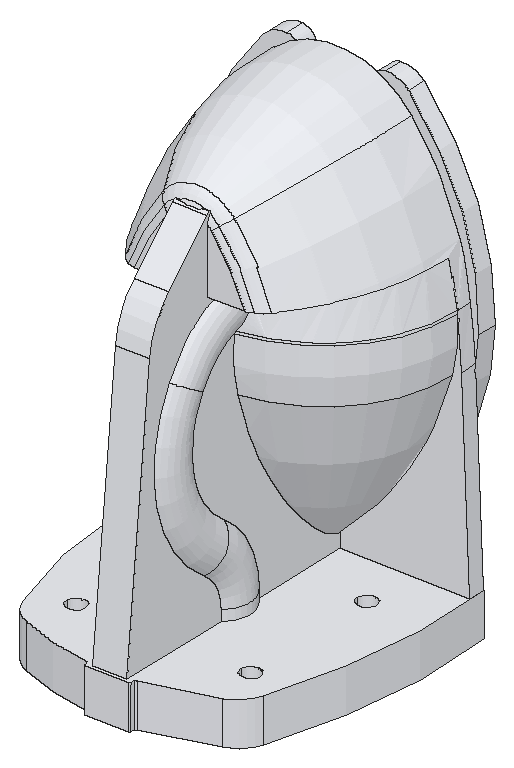
Revit family "Toilet-Elongated_Commercial_CT708EV_TOTO", category Plumbing Fixtures, host Face, Revit 2013
Parameters (values of type "CT708EV")
  ecoScorecard_data = "http://toto.ecoscorecard.com/product/CT708EV"
  ecoScorecard Product Page = "http://toto.ecoscorecard.com/product/CT708EV"
  Width = 15 3/8"
  WaterSense = no
  Waste Connection NPT Radius = 1 1/16"
  Waste Connection = yes
  Warranty URL = "http://www.totousa.com/warranty-registration"
  Warranty = "One Year Limited Warranty"  # constant formula
  Vent Connection = yes
  Toto BIM Number = "BM-00095"  # constant formula
  Subcategory = "Toilets"  # constant formula
  Style = "Commercial"  # constant formula
  Spec Sheet URL = "http://assets.totousa.com/product-files/SS-00210_CT708E_EV.pdf"
  Shipping Weight = 53.50 lbf
  SanoGloss Available = yes
  Product Page URL = " "
  Parts Manual URL = " "
  Mount Type = "Wall-Mounted"  # constant formula
  Manufacturer Phone - Toll Free = "1-888-295-8134"  # constant formula
  Manufacturer Phone = "(770) 282-8686 "  # constant formula
  Manufacturer Fax = "(770) 282-0002"  # constant formula
  Manufacturer Email = "mailto:custservice@totousa.com"
  Manufacturer Address = "1155 Southern Road, Morrow, Georgia 30260"  # constant formula
  Length = 24 7/8"
  Industry Standards = "Meets and exceeds ASME A112.19.2/CSA B45.1"  # constant formula
  Height = 17"
  HW Connection = no
  Gallons Per Flush = 1.28 gal
  Flush Valve Model Available = "TET3LN#31#SS, TET3GN#31#SS,TET2LN#31#SS, TET2GN#31#SS"  # constant formula
  WFU = 0
  URL = "http://www.totousa.com"
  Model = "CT708EV"  # constant formula
  Manufacturer = "TOTO USA, Inc."  # constant formula
  HWFU = 0
  Flush System = "Siphon jet flushing action"  # constant formula
  Finish = Vitreous China - TOTO - 01 Cotton
  Description = "Commercial Flushometer Toilet, 1.28 GPF - ADA"
  Default Elevation = 0"  # constant formula
  Cost Info = "mailto:custservice@totousa.com"
  Color Availability = "#01 Cotton, #03 Bone, #12 Sedona Beige"  # constant formula
  Cold Water Connection NPT Radius = 1/2"
  Code Compliance = "UPC, IPC, NSPC, NPC Canada, and others"
  Certifications = "IAPMO (cUPC), State of Massachusetts, City of Los Angeles, and others"
  CWFU = 0
  CW Connection = yes
  CAD Drawing URL = "http://assets.totousa.com/product-files/AD-00275_CT708EV.dxf"
  Bowl Material = "Vitreous China"  # constant formula
  Assembly Code = "D2010110"
  ADA Compliant = yes
  95 CSI = "15410-800 "  # constant formula
  04 CSI = "22 42 13"  # constant formula
Reference planes (in)
  plane 1 "Center (Front/Back)": y = 0
  plane 2: z = 0
  plane 3 "Center (Left/Right)": x = 0
  plane 4: y = -9.625
  plane 5: y = -12.87425
  plane 6: x = 7.875
  plane 7: x = -7.875
  plane 8: z = 2.75
  plane 9: x = 4.75
  plane 10: z = 24.875
  plane 11: z = 6.375
  plane 12: y = -3.47879
Lines and regions (in)
  Masking region 1
    outline origin (0, -15, 48) x (1, 0, 0) y (0, 0, 1)
      loop
        arc (-3.71678, -24.50892) -> (-6.50305, -29.17165) -> (-7.37449, -34.53308) r 14.47478
        arc (-7.37449, -34.53308) -> (-7.3253, -35.38053) -> (-7.22478, -36.22343) r 13.98307
        arc (-7.22478, -36.22343) -> (-7.45552, -39.65077) -> (-7.61498, -43.08216) r 165.30181
        line (-7.61498, -43.08216) -> (-7.875, -46.23802) -> (-7.875, -48) -> (7.875, -48) -> (7.875, -46.23802) -> (7.61498, -43.08216)
        arc (7.61498, -43.08216) -> (7.45552, -39.65077) -> (7.22478, -36.22343) r 165.30181
        arc (7.22478, -36.22343) -> (7.3253, -35.38053) -> (7.37449, -34.53308) r 13.98307
        arc (7.37449, -34.53308) -> (6.50305, -29.17165) -> (3.71678, -24.50892) r 14.47478
        arc (3.71678, -24.50892) -> (3.28128, -24.17604) -> (2.75315, -24.02925) r 1.44538
        arc (2.75315, -24.02925) -> (0, -23.16023) -> (-2.75315, -24.02925) r 4.79565
        arc (-2.75315, -24.02925) -> (-3.28128, -24.17604) -> (-3.71678, -24.50892) r 1.44538
  Masking region 2
    outline origin (-15, 11.5, 48) x (1, 0, 0) y (0, 0, 1)
      loop
        arc (17.75315, -24.02925) -> (15, -23.16023) -> (12.24685, -24.02925) r 4.79565
        arc (12.24685, -24.02925) -> (11.71872, -24.17604) -> (11.28322, -24.50892) r 1.44538
        arc (11.28322, -24.50892) -> (8.49695, -29.17165) -> (7.62551, -34.53308) r 14.47478
        arc (7.62551, -34.53308) -> (7.6747, -35.38053) -> (7.77522, -36.22343) r 13.98307
        arc (7.77522, -36.22343) -> (7.54448, -39.65077) -> (7.38502, -43.08216) r 165.30181
        line (7.38502, -43.08216) -> (7.125, -46.23802) -> (7.125, -48) -> (22.875, -48) -> (22.875, -46.23802) -> (22.61498, -43.08216)
        arc (22.61498, -43.08216) -> (22.45552, -39.65077) -> (22.22478, -36.22343) r 165.30181
        arc (22.22478, -36.22343) -> (22.3253, -35.38053) -> (22.37449, -34.53308) r 13.98307
        arc (22.37449, -34.53308) -> (21.50305, -29.17165) -> (18.71678, -24.50892) r 14.47478
        arc (18.71678, -24.50892) -> (18.28128, -24.17604) -> (17.75315, -24.02925) r 1.44538
  symbolic lines
    curve 1: arc (-5.41064, 11.5, 6.69816) -> (-4.45692, 11.5, 5.85016) -> (-3.18887, 11.5, 5.70621) r 2.11237
    curve 2: arc (-7.22478, 11.5, 11.77657) -> (-6.56485, 11.5, 9.14908) -> (-5.41064, 11.5, 6.69816) r 13.98307
    curve 3: arc (5.41064, 11.5, 6.69816) -> (6.56485, 11.5, 9.14908) -> (7.22478, 11.5, 11.77657) r 13.98307
    curve 4: arc (3.16192, 11.5, 5.71053) -> (4.44441, 11.5, 5.84429) -> (5.41064, 11.5, 6.69816) r 2.11404
    curve 5: line (-3.18887, 11.5, 6.10123) -> (3.16192, 11.5, 6.10123)
    curve 6: line (3.16192, 11.5, 6.10123) -> (3.16192, 11.5, 5.71053)
    curve 7: line (-3.18887, 11.5, 5.70621) -> (-3.18887, 11.5, 6.10123)
    curve 8: arc (1.85427, 11.5, 22.79835) -> (0, 11.5, 23.34561) -> (-1.85427, 11.5, 22.79835) r 3.415
    curve 9: arc (-2.54441, 11.5, 23.97243) -> (-2.64881, 11.5, 23.97536) -> (-2.75315, 11.5, 23.97075) r 1.44538
    curve 10: arc (-2.29687, 11.5, 20.84123) -> (-1.95276, 11.5, 22.01309) -> (-1.84257, 11.5, 23.22944) r 6.2647
    curve 11: arc (-4.0351, 11.5, 11.95739) -> (-3.58929, 11.5, 16.48214) -> (-2.29687, 11.5, 20.84123) r 23.96307
    curve 12: arc (4.0351, 11.5, 11.95739) -> (0, 11.5, 7.90936) -> (-4.0351, 11.5, 11.95739) r 4.03512
    curve 13: arc (2.29687, 11.5, 20.84123) -> (3.58929, 11.5, 16.48214) -> (4.0351, 11.5, 11.95739) r 23.96307
    curve 14: arc (1.84257, 11.5, 23.22944) -> (1.95276, 11.5, 22.01309) -> (2.29687, 11.5, 20.84123) r 6.2647
    curve 15: arc (2.54441, 11.5, 23.97243) -> (2.04734, 11.5, 23.73899) -> (1.84257, 11.5, 23.22944) r 0.75
    curve 16: arc (1.85427, 11.5, 22.79835) -> (0, 11.5, 23.34561) -> (-1.85427, 11.5, 22.79835) r 3.415
    curve 17: arc (2.75315, 11.5, 23.97075) -> (2.64881, 11.5, 23.97536) -> (2.54441, 11.5, 23.97243) r 1.44538
    curve 18: arc (-1.84257, 11.5, 23.22944) -> (-2.04734, 11.5, 23.73899) -> (-2.54441, 11.5, 23.97243) r 0.75
    curve 19: arc (0.58873, 11.5, 11.94176) -> (0.85203, 11.5, 10.7746) -> (0.83715, 11.5, 9.57821) r 5.11821
    curve 20: line (0.58873, 11.5, 11.94176) -> (-0.58873, 11.5, 11.94176)
    curve 21: arc (-0.83715, 11.5, 9.57821) -> (-0.85203, 11.5, 10.7746) -> (-0.58873, 11.5, 11.94176) r 5.11821
    curve 22: line (-0.83715, 11.5, 9.57821) -> (0.83715, 11.5, 9.57821)
    curve 23: circle (0, 11.5, 2.75) r 0.75 normal (0, -1, 0)
Dimensions and locks (in)
  locked: plane 8 to plane 2 at 2.75
  locked: plane 10 to plane 2 at 24.875
  locked: plane 11 to plane 10 at 18.5
  locked: plane 6 to plane 7 at 15.75
  equal spacing: plane 6, plane 3 "Center (Left/Right)", plane 7
  locked: plane 9 to plane 3 "Center (Left/Right)" at 4.75
  Masking region 1 sketch curve to Masking region 1 sketch curve to Masking region 1 sketch curve to Masking region 1 sketch curve to plane 3 "Center (Left/Right)" to Masking region 1 sketch curve to Masking region 1 sketch curve to Masking region 1 sketch curve to Masking region 1 sketch curve = 0.26002" locked, 0.3902" locked, 4.47163" locked, 2.75315" locked, 2.75315" locked, 4.47163" locked, 0.3902" locked, 0.26002" locked
  plane 8 to host face = 2 3/4"
  aligned and locked: plane 2 to host face
  aligned and locked: level to host face
  aligned and locked: Masking region 2 sketch curve to Masking region 1  (x4)
  aligned and locked: Masking region 1 sketch curve to Masking region 1 sketch curve
  aligned and locked: Masking region 1 sketch curve to plane 2
Automatic sketch dimensions
  host sketch curve to host sketch curve = 17.77386"
  host sketch curve to host sketch curve = 16.19972"
  Masking region 1 sketch curve to plane 3 "Center (Left/Right)" = 0"
  Masking region 1 sketch curve to level = 1.03967"  (x2)
  Masking region 1 sketch curve to plane 7 = 149.70444"
  Masking region 1 sketch curve to Masking region 1 sketch curve = 0.27972"  (x2)
  Masking region 1 sketch curve to Masking region 1 sketch curve = 0"  (x3)
  Masking region 1 sketch curve to Masking region 1 sketch curve = 0.49152"  (x2)
  Masking region 1 sketch curve to Masking region 1 sketch curve = 0.96363"
  Masking region 1 sketch curve to Masking region 1 sketch curve = 0.11596"  (x2)
  plane 9 to Masking region 1 sketch curve = 1.03322"
  Masking region 1 sketch curve to plane 6 = 149.70444"
  plane 8 to Masking region 1 sketch curve = 0.98802"  (x2)
  Masking region 1 sketch curve to Masking region 1 sketch curve = 2.48591"
  curve 8 to curve 16 = 0"  (x4)
  curve 23 to plane 3 "Center (Left/Right)" = 0"
  curve 8 to plane 3 "Center (Left/Right)" = 0"
  curve 23 to plane 8 = 0"
  plane 7 to curve 2 = 0.65022"
  plane 7 to curve 3 = 1.27176"
  curve 1 to plane 11 = 0.32316"
  plane 7 to curve 1 = 2.46436"
  curve 2 to curve 1 = 0"
  curve 1 to plane 11 = 1.40402"
  curve 1 to curve 1 = 1.81489"
  plane 11 to curve 1 = 0.66879"
  curve 9 to curve 18 = 0.20874"
  curve 16 to curve 10 = 3/256"
  curve 21 to plane 3 "Center (Left/Right)" = 0.58873"
  curve 15 to curve 17 = 0.20874"
  plane 11 to curve 6 = 0.27377"
  plane 9 to curve 6 = 1.58808"
  plane 9 to curve 4 = 1.15569"
  curve 3 to plane 11 = 0.32316"
  curve 3 to plane 9 = 0.66064"
  curve 4 to curve 3 = 0"
  plane 6 to curve 2 = 1.27176"
  plane 6 to curve 3 = 0.65022"
  curve 4 to curve 5 = 0.3907"
  curve 8 to curve 10 = 0.91062"
  plane 7 to Masking region 2 sketch curve = 0"
  plane 6 to Masking region 2 sketch curve = 0.26002"
  plane 8 to Masking region 2 sketch curve = 0.98802"
  Masking region 2 sketch curve to level = 0"
  plane 6 to Masking region 2 sketch curve = 0"
  curve 12 to plane 3 "Center (Left/Right)" = 0"
  curve 10 to plane 7 = 0.23211"
  curve 13 to plane 11 = 5.50572"
  curve 13 to plane 7 = 12.05285"
  curve 19 to curve 1 = 0.64239"
  curve 19 to curve 12 = 0.20304"
  curve 11 to curve 12 = 0"
  plane 10 to curve 9 = 0.90425"
  curve 9 to plane 3 "Center (Left/Right)" = 2.75315"
  curve 9 to curve 9 = 0.11596"
  curve 9 to curve 18 = 0.04464"
  curve 9 to curve 18 = 0"
  curve 9 to curve 10 = 0.34032"
  curve 11 to curve 10 = 0"
  curve 9 to curve 16 = 0.78292"
  curve 18 to curve 10 = 0"
  curve 21 to plane 3 "Center (Left/Right)" = 0.83715"
  plane 3 "Center (Left/Right)" to curve 19 = 0.58873"
  plane 3 "Center (Left/Right)" to curve 22 = 0.83715"
  plane 3 "Center (Left/Right)" to curve 14 = 1.84257"
  curve 15 to curve 14 = 0"
  curve 15 to curve 16 = 3/256"
  curve 16 to curve 13 = 0.44259"
  curve 14 to curve 13 = 0"
  curve 14 to curve 15 = 0.70184"
  curve 17 to curve 15 = 0"
  curve 15 to curve 15 = 0.04814"
  curve 15 to curve 17 = 0.04464"
  plane 9 to curve 13 = 0.7149"
  curve 12 to curve 13 = 0"
  curve 17 to curve 14 = 5.35396"
  curve 19 to curve 12 = 2.36627"
  radius of curve 23 = 3/4"
Nested families (in)
  nested 1: "CT708EV" at (0.19207, 0.1648, 0), type "CT708EV"
    with Flush Valve yes, Flow Pressure 0.00 psi
Connectors (in)
  piping at (0.20143, 1.77792, 0.02231)
    settings: on nested 1, index 1, connector radius 3/4", flow factor 0, pipe flow 0 GPM, pressure drop 0.00 psi, fitting loss kfactor 0, connector angle 0.00°, fixture units 0, engagement length 0", flow configuration 0, flow direction 0, fitting loss method 0, system type 16, joint type 0, gender type 0, connector reference index -1, connector utility 0, adjustable connector no, is connector primary yes, fitting loss table "", connector description ""
  piping at (0.19207, -7.22974, -1.00443)
    settings: on nested 1, index 2, connector radius 2", flow factor 0, pipe flow 0 GPM, pressure drop 0.00 psi, fitting loss kfactor 0, connector angle 0.00°, fixture units 0, engagement length 0", flow configuration 0, flow direction 0, fitting loss method 0, system type 16, joint type 0, gender type 0, connector reference index -1, connector utility 0, adjustable connector no, is connector primary no, fitting loss table "", connector description ""
Definition of nested family "CT708EV"
  Parameters (values of type "CT708EV")
    ecoScorecard = "http://toto.ecoscorecard.com/"
    Width = 15 3/4"
    Water Wash Flow Rate = "35 psi (ﬂowing)"  # constant formula
    Water Use = " 1.28GPF/4.8LP"  # constant formula
    Waste Connection = yes
    Warranty URL = "http://www.totousa.com/Support/WarrantyInformation.aspx"
    Warranty = "One Year Limited Warranty"  # constant formula
    Vent Connection = yes
    Toto BIM Number = "BM-00027"  # constant formula
    Subcategory = "Toilets"  # constant formula
    Style = "Commercial"  # constant formula
    Spec Sheets URL = "http://www.totousa.com/Portals/0/ProductDownloads/SS-00210,%20CT708E_EV,%20V.06.pdf"
    Shipping Weight = 49.00 lbf
    SMARTBIM URL = "http://www.smartbim.com"
    SMARTBIM Object Version = 3  # constant formula
    SMARTBIM Object Created By = "SMARTBIM, LLC"  # constant formula
    SMARTBIM Contact = "mailto:smartbim@smartbim.com"
    Product URL = "http://www.totousa.com/ProductDetail.aspx?productid=378"
    Product Page URL = "http://www.totousa.com/ProductDetail.aspx?productid=378"
    Product Line = "Commercial Flushometer High Efficiency Toilet - 1.28 GPF, Top Inlet Spud"  # constant formula
    Parts Manual URL = "http://www.totousa.com/Portals/0/ProductDownloads/PD-00138,%20CT708E,%20V.01.pdf"
    Owners Manual URL = ""
    Mounting = "Retro-Fit Mounting Nut (5/8-11) (4 pieces)"
    Material = Vitreous China - TOTO - 01 Cotton
    Manufacturer Phone - Toll Free = "1-888-295-8134"  # constant formula
    Manufacturer Phone = "(770) 282-8686 "  # constant formula
    Manufacturer Fax = "(770) 282-0002"  # constant formula
    Manufacturer Email = "mailto:custservice@totousa.com "
    Manufacturer Address = "1155 Southern Road, Morrow, Georgia 30260"  # constant formula
    Length = 24 7/8"
    Industry Standards = "Meets and exceeds ASME A112.19.2/CSA B45.1 Certiﬁ cations: IAPMO (cUPC), State of Massachusetts, City of Los Angeles, and others.Code compliance: UPC, IPC, NSPC, NPC Canada, and others.ADA Compliant\r\n"  # constant formula
    Height = 17"
    HW Connection = no
    Gallons Per Flush = 1.28
    Flush Valve [instance] = yes
    Flush System = " Siphon jet ﬂushing action"  # constant formula
    Flow Pressure [instance] = 0.00 psi
    WFU = 0
    URL = "http://www.totousa.com"
    Model = "CT708E"
    Manufacturer = "TOTO Usa"  # constant formula
    HWFU = 0
    Description = "Toilets, Commercial, Elongated, Commercial Flushometer High Efficiency Toilet - 1.28 GPF, Top Inlet Spud"  # constant formula
    Depth = 12 3/4"
    Default Elevation = 0"  # constant formula
    Cost Info = "mailto:custservice@totousa.com "
    Color = "01 Cotton 03 Bone 12 Sedona Beig"  # constant formula
    Cold Water Connection NPT = 1"
    CWFU = 0
    CW Connection = yes
    CADworks URL = "http://www.CADworks.net"
    CAD Drawing URL = "http://www.totousa.com/Portals/0/ProductDownloads/AD-00274,%20CT708E,%20V.01.dxf"
    Assembly Code = "D2010110"
    Air Dry Flow Rate = 23.00 GPM
    ADA Compliant = yes
    95 CSI = "15410-800 "  # constant formula
    04 CSI = "22 42 13"  # constant formula
  Reference planes (in)
    plane 1 "Center (Front/Back)": y = 0
    plane 2: z = 0
    plane 3 "Center (Left/Right)": x = 0
    plane 4: y = -9.625
    plane 5: y = -12.87425
    plane 6: x = 7.875
    plane 7: x = -7.875
    plane 8: z = 2.75
    plane 9: x = 4.75
    plane 10: z = 24.875
    plane 11: z = 6.375
    plane 12: y = -3.47879
    plane 13 "AAAAA": y = -7.39455
    plane 14: y = -11.14455
    plane 15: y = -3.64455
  Forms (in)
    Extrusion 1, solid
      sketch origin (0, 0, 0) x (1, 0, 0) y (0, 1, 0)
        loop
          line (-9, 2) -> (-9, -15.68762) -> (8.77386, -15.68762) -> (8.77386, 2) -> (-9, 2)
      from 0 to -1
    Extrusion 2, solid, material "Vitreous China - TOTO - 01 Cotton" <- "Material"
      sketch origin (-22.66442, 3.6538, 0) x (1, 0, 0) y (0, 1, 0)
        loop
          line (30.26025, -3.6538) -> (15.06859, -3.6538)
          arc (15.06859, -3.6538) -> (14.95446, -9.88173) -> (16.33032, -15.95686) r 25.90474
          arc (16.33032, -15.95686) -> (16.77753, -16.67573) -> (17.48208, -17.14518) r 2
          arc (17.48208, -17.14518) -> (19.4402, -17.79849) -> (21.45596, -18.24315) r 19.6854
          arc (21.45596, -18.24315) -> (21.5104, -18.27405) -> (21.53196, -18.33283) r 0.0909
          line (21.53196, -18.33283) -> (21.53196, -18.44992)
          arc (21.53196, -18.44992) -> (21.55484, -18.50516) -> (21.61008, -18.52805) r 0.07813
          line (21.61008, -18.52805) -> (23.84201, -18.52805)
          arc (23.84201, -18.52805) -> (23.89725, -18.50516) -> (23.92013, -18.44992) r 0.07813
          line (23.92013, -18.44992) -> (23.92013, -18.26624)
          arc (23.92013, -18.26624) -> (23.94089, -18.20881) -> (23.99356, -18.17791) r 0.08984
          arc (23.99356, -18.17791) -> (25.81979, -17.7475) -> (27.59675, -17.14518) r 19.6854
          arc (27.59675, -17.14518) -> (28.30131, -16.67573) -> (28.74852, -15.95686) r 2
          arc (28.74852, -15.95686) -> (30.18683, -9.88918) -> (30.26025, -3.6538) r 28.27699
      from 2.25 to 0
    Extrusion 3, solid, material "Vitreous China - TOTO - 01 Cotton" <- "Material", detail levels fine
      sketch origin (0, 0, 0) x (1, 0, 0) y (0, 1, 0)
        loop
          circle (0, -7.39455) r 2
      from -1.00443 to 0
    Sweep 4, solid, material "Vitreous China - TOTO - 01 Cotton" <- "Material"
      path origin (0, 0, -24) x (0, 0, 1) y (1, 0, 0)
        loop
          line (25.67333, 7.59583) -> (36.55403, 7.16248)
          arc (36.55403, 7.16248) -> (37.93024, 7.04313) -> (39.30541, 6.91228) r 165.30181
          arc (39.30541, 6.91228) -> (43.30864, 5.93341) -> (46.88229, 3.88083) r 14.68623
          arc (46.88229, 3.88083) -> (48.77773, 0) -> (46.88229, -3.88083) r 4.92064
          arc (46.88229, -3.88083) -> (43.30864, -5.93341) -> (39.30541, -6.91228) r 14.68623
          arc (39.30541, -6.91228) -> (37.93024, -7.04313) -> (36.55403, -7.16248) r 165.30181
          line (36.55403, -7.16248) -> (25.67333, -7.59583)
      profile origin (-7.37915, 0, 7.11368) x (-0.999208, 0, 0.039796) y (0, 1, 0)
        loop
          line (0, 0) -> (-3.49027, 0) -> (-3.49027, -9.44396)
          arc (-3.49027, -9.44396) -> (-3.29373, -9.38073) -> (-3.10629, -9.29417) r 1.70245
          arc (-3.10629, -9.29417) -> (-2.82801, -9.10292) -> (-2.59761, -8.85608) r 1.55415
          arc (-2.59761, -8.85608) -> (-0.50033, -4.66224) -> (0, 0) r 13.21146
    Revolve 5, void
      sketch origin (0, 0, -24) x (0, 0, 1) y (1, 0, 0)
        loop
          arc (33.97514, 3.79471) -> (32.21876, 2.24274) -> (31.53786, 0) r 4.29781
          line (31.53786, 0) -> (47.34561, 0)
          arc (47.34561, 0) -> (47.07665, 1.37561) -> (46.25647, 2.51225) r 3.27011
          arc (46.25647, 2.51225) -> (44.3797, 3.92494) -> (42.18032, 4.75) r 8.23131
          arc (42.18032, 4.75) -> (40.57061, 4.99573) -> (38.94269, 5.03326) r 12.68645
          arc (38.94269, 5.03326) -> (36.39579, 4.66717) -> (33.97514, 3.79471) r 12.68645
        axis (47.34561, 0) -> (31.53786, 0)
      angle from 0 to 360
    Extrusion 6, solid, material "Vitreous China - TOTO - 01 Cotton" <- "Material"
      sketch origin (0, 0, -24) x (0, 0, 1) y (1, 0, 0)
        loop
          arc (44.73648, 1.12811) -> (42.01213, 2.69288) -> (38.96029, 3.43911) r 11.19595
          arc (38.96029, 3.43911) -> (37.65092, 3.56385) -> (36.34058, 3.67794) r 161.81153
          line (36.34058, 3.67794) -> (25.67333, 4.10279) -> (25.67333, -4.10279) -> (36.34058, -3.67794)
          arc (36.34058, -3.67794) -> (37.65092, -3.56385) -> (38.96029, -3.43911) r 161.81153
          arc (38.96029, -3.43911) -> (42.01213, -2.69288) -> (44.73648, -1.12811) r 11.19595
          arc (44.73648, -1.12811) -> (45.28746, 0) -> (44.73648, 1.12811) r 1.43036
      from -9.44396 to 0
    Extrusion 7, void
      sketch origin (0, 0, 0) x (1, 0, 0) y (0, 1, 0)
        loop
          circle (-4.5, -11.14455) r 0.5
        loop
          circle (4.5, -11.14455) r 0.5
        loop
          circle (-4.5, -3.64455) r 0.5
        loop
          circle (4.5, -3.64455) r 0.5
      from 0 to 3.75
    Extrusion 8, solid, material "Vitreous China - TOTO - 01 Cotton" <- "Material"
      sketch origin (0, 0, 0) x (0, 1, 0) y (0, 0, 1)
        loop
          arc (-8.62425, 21.02949) -> (-8.93291, 21.49143) -> (-9.4778, 21.38304) r 0.5
          line (-9.4778, 21.38304) -> (-11.93245, 18.9284)
          arc (-11.93245, 18.9284) -> (-12.76323, 17.75287) -> (-13.15396, 16.36744) r 4.25
          line (-13.15396, 16.36744) -> (-14.63776, 2.25) -> (-8.62425, 2.25) -> (-8.62425, 21.02949)
      from -0.86603 to 0.90404
    Extrusion 9, void
      sketch origin (0, 0, 0) x (0, 1, 0) y (0, 0, 1)
        loop
          arc (-11.44578, 17.62784) -> (-12.61676, 17.17834) -> (-13.18619, 16.06076) r 1.75
          line (-13.18619, 16.06076) -> (-14.87425, 0) -> (-0.87075, 0) -> (-0.87075, 17.62784) -> (-11.44578, 17.62784)
      from -12.30962 to -0.86603
    Extrusion 10, void
      sketch origin (0, 0, 0) x (0, 1, 0) y (0, 0, -1)
        loop
          line (-13.483, -17.62784) -> (-0.87075, -17.62784) -> (-0.87075, 0) -> (-14.87425, 0) -> (-14.87425, -14.26908)
          arc (-14.87425, -14.26908) -> (-14.51268, -16.08683) -> (-13.483, -17.62784) r 4.75
      from -12.30962 to -0.90404
    Revolve 11, solid, material "Vitreous China - TOTO - 01 Cotton" <- "Material"
      sketch origin (31.625, -0.87904, -39.56365) x (0, 0, 1) y (1, 0, 0)
        loop
          arc (64.34138, -31.625) -> (63.8422, -29.46551) -> (62.44593, -27.74417) r 4.92064
          arc (62.44593, -27.74417) -> (58.87229, -25.69159) -> (54.86905, -24.71272) r 14.68623
          arc (54.86905, -24.71272) -> (54.79532, -24.70541) -> (54.72158, -24.69813) r 165.30181
          arc (54.72158, -24.69813) -> (53.23705, -24.68833) -> (51.77556, -24.94898) r 8.11972
          arc (51.77556, -24.94898) -> (46.25322, -27.47696) -> (41.81692, -31.625) r 18.91238
          line (41.81692, -31.625) -> (64.34138, -31.625)
        axis (64.34138, -31.625) -> (41.81692, -31.625)
      angle from -0.013 to 180
    Extrusion 12, void
      sketch origin (0, 0, 0) x (0, 1, 0) y (0, 0, 1)
        loop
          line (-8.94786, 17.62784) -> (-0.87075, 17.62784) -> (-0.87075, 33.22586) -> (-8.94786, 33.22586) -> (-8.94786, 17.62784)
      from -8.19257 to 9.50948
    Extrusion 13, solid, material "Vitreous China - TOTO - 01 Cotton" <- "Material"
      sketch origin (0.00001, 0, -0.12668) x (1, 0, 0) y (0, 0, 1)
        loop
          arc (5.41064, 7.32316) -> (6.82602, 10.58178) -> (7.37449, 14.09192) r 13.98307
          arc (7.37449, 14.09192) -> (6.50305, 19.45335) -> (3.71678, 24.11608) r 14.47478
          arc (3.71678, 24.11608) -> (3.18616, 24.4921) -> (2.54441, 24.59743) r 1.44538
          arc (2.54441, 24.59743) -> (2.04734, 24.36399) -> (1.84257, 23.85444) r 0.75
          arc (1.84257, 23.85444) -> (1.95276, 22.63809) -> (2.29687, 21.46623) r 6.2647
          arc (2.29687, 21.46623) -> (3.58929, 17.10714) -> (4.0351, 12.58239) r 23.96307
          arc (4.0351, 12.58239) -> (0, 8.53436) -> (-4.0351, 12.58239) r 4.03512
          arc (-4.0351, 12.58239) -> (-3.58929, 17.10714) -> (-2.29687, 21.46623) r 23.96307
          arc (-2.29687, 21.46623) -> (-1.95276, 22.63809) -> (-1.84257, 23.85444) r 6.2647
          arc (-1.84257, 23.85444) -> (-2.04734, 24.36399) -> (-2.54441, 24.59743) r 0.75
          arc (-2.54441, 24.59743) -> (-3.18616, 24.4921) -> (-3.71678, 24.11608) r 1.44538
          arc (-3.71678, 24.11608) -> (-6.50305, 19.45335) -> (-7.37449, 14.09192) r 14.47478
          arc (-7.37449, 14.09192) -> (-6.82602, 10.58178) -> (-5.41064, 7.32316) r 13.98307
          arc (-5.41064, 7.32316) -> (-4.45692, 6.47516) -> (-3.18887, 6.33121) r 2.11237
          line (-3.18887, 6.33121) -> (-3.18887, 6.72623) -> (3.16192, 6.72623) -> (3.16192, 6.33553)
          arc (3.16192, 6.33553) -> (4.44441, 6.46929) -> (5.41064, 7.32316) r 2.11404
      from 0 to -1
    Extrusion 14, void
      sketch origin (0, 0, 0) x (1, 0, 0) y (0, 0, 1)
        loop
          line (-0.83715, 9.57821) -> (0.83715, 9.57821)
          arc (0.83715, 9.57821) -> (0.85203, 10.7746) -> (0.58873, 11.94176) r 5.11821
          line (0.58873, 11.94176) -> (-0.58873, 11.94176)
          arc (-0.58873, 11.94176) -> (-0.85203, 10.7746) -> (-0.83715, 9.57821) r 5.11821
      from 0 to 5.99528
    Sweep 15, solid, material "Vitreous China - TOTO - 01 Cotton" <- "Material"
      path origin (0, -0.32012, -1.00909) x (0, 1, 0) y (0, 0, 1)
        loop
          arc (-4.91526, 17.53555) -> (-8.14277, 17.28008) -> (-10.56855, 15.13587) r 5.10859
          arc (-10.56855, 15.13587) -> (-11.25185, 10.61454) -> (-8.67361, 6.83803) r 6.25
          arc (-8.67361, 6.83803) -> (-7.49878, 5.52564) -> (-7.07431, 3.81613) r 3.65461
          line (-7.07431, 3.81613) -> (-7.07431, 1.00909)
      profile origin (0, -7.8189, 4.51655) x (0, 0.883851, 0.467768) y (1, 0, 0)
        loop
          circle (0, 0) r 1.5
    Blend 16, solid, material "Vitreous China - TOTO - 01 Cotton" <- "Material"
      base sketch origin (-190.69755, 0, 17.84967) x (1, 0, 0) y (0, 0, 1)
        loop
          arc (188.51389, -17.64967) -> (188.57479, -17.7967) -> (188.72181, -17.8576) r 0.20793
          line (188.72181, -17.8576) -> (192.67238, -17.8576)
          arc (192.67238, -17.8576) -> (192.82106, -17.79443) -> (192.87878, -17.64355) r 0.20654
          line (192.87878, -17.64355) -> (192.70908, -13.89647)
          arc (192.70908, -13.89647) -> (192.46652, -13.36285) -> (191.92247, -13.14468) r 0.78742
          line (191.92247, -13.14468) -> (189.47236, -13.14468)
          arc (189.47236, -13.14468) -> (188.92846, -13.36272) -> (188.68577, -13.89608) r 0.78742
          line (188.68577, -13.89608) -> (188.51389, -17.64967)
      top sketch origin (-190.69755, 0, 17.84967) x (1, 0, 0) y (0, 0, 1)
        loop
          line (191.82722, -15.03201) -> (189.63019, -15.03201)
          arc (189.63019, -15.03201) -> (189.08639, -15.24995) -> (188.84361, -15.78312) r 0.78742
          line (188.84361, -15.78312) -> (188.76017, -17.59111)
          arc (188.76017, -17.59111) -> (188.81169, -17.72389) -> (188.93929, -17.78717) r 0.19685
          line (188.93929, -17.78717) -> (192.50062, -17.78717)
          arc (192.50062, -17.78717) -> (192.63949, -17.72964) -> (192.69702, -17.59077) r 0.1964
          line (192.69702, -17.59077) -> (192.6138, -15.78322)
          arc (192.6138, -15.78322) -> (192.37106, -15.24998) -> (191.82722, -15.03201) r 0.78742
      from 0 to -3.75693
    Extrusion 17, void
      sketch origin (0, 0, 0) x (0, 1, 0) y (0, 0, 1)
        loop
          arc (3.60545, 0.48896) -> (3.49438, 0.22082) -> (3.22624, 0.10975) r 0.37921
          line (3.22624, 0.10975) -> (3.22624, -1.1898) -> (6.65897, -1.1898) -> (6.65897, 5.5602) -> (0, 5.5602) -> (0, 4.66539)
          arc (0, 4.66539) -> (0.06359, 4.45085) -> (0.23381, 4.30561) r 0.39371
          line (0.23381, 4.30561) -> (2.91965, 3.11191)
          arc (2.91965, 3.11191) -> (3.24244, 2.84744) -> (3.38475, 2.45515) r 0.78742
          line (3.38475, 2.45515) -> (3.60545, 0.48896)
      from -2.77676 to 2.74809
  Cuts and joins
    Extrusion 7, Extrusion 14, Extrusion 17 cuts Extrusion 2
    Revolve 5, Extrusion 7, Extrusion 9, Extrusion 10, Extrusion 14, Extrusion 17 cuts Sweep 4
    Revolve 5, Extrusion 7, Extrusion 9, Extrusion 10, Extrusion 14, Extrusion 17 cuts Extrusion 6
    Extrusion 10, Extrusion 14, Extrusion 17 cuts Extrusion 8
    Revolve 5, Extrusion 12, Extrusion 14, Extrusion 17 cuts Revolve 11
    Extrusion 17 cuts Sweep 15
    joined: Extrusion 2, Sweep 4, Extrusion 6, Extrusion 8, Revolve 11, Sweep 15
    Extrusion 7, Extrusion 9, Extrusion 10 cuts Extrusion 3
    Extrusion 14 cuts Extrusion 13
    Extrusion 17 cuts Blend 16
  Lines and regions (in)
    symbolic lines
      curve 1: arc (-5.41064, 11.5, 6.69816) -> (-4.45692, 11.5, 5.85016) -> (-3.18887, 11.5, 5.70621) r 2.11237
      curve 2: arc (-7.22478, 11.5, 11.77657) -> (-6.56485, 11.5, 9.14908) -> (-5.41064, 11.5, 6.69816) r 13.98307
      curve 3: arc (5.41064, 11.5, 6.69816) -> (6.56485, 11.5, 9.14908) -> (7.22478, 11.5, 11.77657) r 13.98307
      curve 4: arc (3.16192, 11.5, 5.71053) -> (4.44441, 11.5, 5.84429) -> (5.41064, 11.5, 6.69816) r 2.11404
      curve 5: line (-3.18887, 11.5, 6.10123) -> (3.16192, 11.5, 6.10123)
      curve 6: line (3.16192, 11.5, 6.10123) -> (3.16192, 11.5, 5.71053)
      curve 7: line (-3.18887, 11.5, 5.70621) -> (-3.18887, 11.5, 6.10123)
      curve 8: arc (1.85427, 11.5, 22.79835) -> (0, 11.5, 23.34561) -> (-1.85427, 11.5, 22.79835) r 3.415
      curve 9: arc (1.85427, 11.5, 22.79835) -> (0, 11.5, 23.34561) -> (-1.85427, 11.5, 22.79835) r 3.415
      curve 10: arc (0.58873, 11.5, 11.94176) -> (0.85203, 11.5, 10.7746) -> (0.83715, 11.5, 9.57821) r 5.11821
      curve 11: line (0.58873, 11.5, 11.94176) -> (-0.58873, 11.5, 11.94176)
      curve 12: arc (-0.83715, 11.5, 9.57821) -> (-0.85203, 11.5, 10.7746) -> (-0.58873, 11.5, 11.94176) r 5.11821
      curve 13: line (-0.83715, 11.5, 9.57821) -> (0.83715, 11.5, 9.57821)
  Dimensions and locks (in)
    locked: plane 8 to plane 2 at 2.75
    locked: plane 10 to plane 2 at 24.875
    locked: plane 11 to plane 10 at 18.5
    locked: plane 6 to plane 7 at 15.75
    equal spacing: plane 6, plane 3 "Center (Left/Right)", plane 7
    locked: plane 9 to plane 3 "Center (Left/Right)" at 4.75
    plane 8 to Extrusion 1 = 2 3/4"
    Extrusion 7 sketch curve to plane 3 "Center (Left/Right)" = 4 1/2"
    plane 3 "Center (Left/Right)" to Extrusion 7 sketch curve = 4 1/2"
    plane 14 to plane 15 = 7 1/2"
    aligned and locked: plane 2 to Extrusion 1
    aligned and locked: level to Extrusion 1
    aligned and locked: Extrusion 2 sketch curve to plane 1 "Center (Front/Back)"
    aligned: Extrusion 6 to cut or joined group of Extrusion 2, Sweep 4, Revolve 5, Extrusion 6, Extrusion 7, Extrusion 8, Extrusion 9, Extrusion 10, Revolve 11, Extrusion 12, Extrusion 14, Sweep 15, Extrusion 17
    aligned and locked: plane 13 "AAAAA" to Extrusion 3 sketch curve
    aligned and locked: plane 3 "Center (Left/Right)" to Extrusion 3 sketch curve
    aligned and locked: level to Extrusion 3
  Automatic sketch dimensions
    Extrusion 1 sketch curve to Extrusion 1 sketch curve = 17.77386"
    Extrusion 1 sketch curve to Extrusion 1 sketch curve = 17.68762"
    Extrusion 2 sketch curve to plane 12 = 0.69199"
    Extrusion 2 sketch curve to plane 7 = 12.6685"
    plane 7 to Extrusion 2 sketch curve = 0.27917"
    Extrusion 2 sketch curve to plane 5 = 0.57119"  (x2)
    Extrusion 2 sketch curve to plane 3 "Center (Left/Right)" = 6.3341"
    Extrusion 2 sketch curve to Extrusion 2 sketch curve = 0"  (x5)
    plane 5 to Extrusion 2 sketch curve = 0.61713"
    Extrusion 2 sketch curve to Extrusion 2 sketch curve = 1.15176"
    Extrusion 2 sketch curve to Extrusion 2 sketch curve = 1.88334"
    Extrusion 2 sketch curve to plane 3 "Center (Left/Right)" = 2.26838"
    Extrusion 2 sketch curve to plane 3 "Center (Left/Right)" = 1.22336"
    Extrusion 2 sketch curve to Extrusion 2 sketch curve = 0.0149"
    Extrusion 2 sketch curve to Extrusion 2 sketch curve = 0.0909"
    Extrusion 2 sketch curve to Extrusion 2 sketch curve = 5/64"  (x2)
    plane 3 "Center (Left/Right)" to Extrusion 2 sketch curve = 1.17759"
    Extrusion 2 sketch curve to Extrusion 2 sketch curve = 0.07342"
    Extrusion 2 sketch curve to Extrusion 2 sketch curve = 0.01642"
    plane 9 to Extrusion 2 sketch curve = 0.54924"
    Extrusion 2 sketch curve to plane 9 = 0.18234"
    Extrusion 2 sketch curve to plane 9 = 1.3341"
    Extrusion 2 sketch curve to Extrusion 2 sketch curve = 0.18368"
    curve 8 to curve 9 = 0"  (x3)
    curve 9 to plane 3 "Center (Left/Right)" = 0"
    curve 11 to plane 3 "Center (Left/Right)" = 0.58873"
    curve 12 to plane 3 "Center (Left/Right)" = 0.83715"
    curve 8 to plane 3 "Center (Left/Right)" = 1.85427"
    curve 9 to curve 8 = 0"  (x2)
    plane 11 to curve 7 = 0.27377"
    curve 7 to plane 3 "Center (Left/Right)" = 3.18887"
    curve 1 to curve 5 = 0.40688"
    curve 10 to curve 1 = 0.64239"
    curve 2 to plane 11 = 0.32316"
    curve 2 to curve 1 = 1.81489"
    curve 1 to curve 2 = 0"
    plane 7 to curve 3 = 1.27176"
    plane 7 to curve 2 = 0.65022"
    plane 3 "Center (Left/Right)" to curve 10 = 0.58873"
    plane 3 "Center (Left/Right)" to curve 13 = 0.83715"
    plane 3 "Center (Left/Right)" to curve 8 = 1.85427"
    plane 11 to curve 4 = 0.66447"
    plane 9 to curve 4 = 1.58808"
    plane 9 to curve 4 = 1.15569"
    plane 9 to curve 12 = 0.51186"
    curve 4 to plane 11 = 0.32316"
    curve 4 to curve 4 = 1.81633"
    curve 3 to curve 4 = 0"
    plane 6 to curve 2 = 1.27176"
    plane 6 to curve 3 = 0.65022"
    curve 1 to curve 5 = 0.39502"
    curve 12 to plane 11 = 3.20321"
    curve 1 to curve 10 = 2.46058"
    plane 10 to curve 9 = 4.94439"
    plane 10 to curve 9 = 2.07665"
    Sweep 4 sketch curve to plane 3 "Center (Left/Right)" = 0"
    Sweep 4 sketch curve to level = 1.03967"  (x2)
    plane 6 to Sweep 4 sketch curve = 0.27917"
    plane 8 to Sweep 4 sketch curve = 1.07667"  (x2)
    plane 7 to Sweep 4 sketch curve = 0.27917"
    plane 7 to Sweep 4 sketch curve = 0.71252"
    Sweep 4 sketch curve to plane 11 = 6.17903"  (x2)
    plane 6 to Sweep 4 sketch curve = 0.71252"
    plane 6 to Sweep 4 sketch curve = 0.17302"
    Sweep 4 sketch curve to Sweep 4 sketch curve = 1.2992"  (x2)
    plane 7 to Sweep 4 sketch curve = 0.17302"
    plane 7 to Sweep 4 sketch curve = 0.96272"
    Sweep 4 sketch curve to Sweep 4 sketch curve = 1.45218"  (x2)
    Sweep 4 sketch curve to Sweep 4 sketch curve = 0"  (x4)
    plane 10 to Sweep 4 sketch curve = 5.01791"
    Revolve 5 sketch curve to Revolve 5 sketch curve = 0"  (x3)
    Revolve 5 sketch curve to plane 3 "Center (Left/Right)" = 0"  (x2)
    plane 9 to Revolve 5 sketch curve = 0"  (x2)
    Revolve 5 sketch curve to plane 11 = 1.16286"
    Revolve 5 sketch curve to plane 11 = 3.60014"
    Revolve 5 sketch curve to plane 3 "Center (Left/Right)" = 0.07987"
    Revolve 5 sketch curve to Revolve 5 sketch curve = 4.29707"
    Revolve 5 sketch curve to plane 9 = 0.28326"
    Revolve 5 sketch curve to Revolve 5 sketch curve = 4.96755"
    Revolve 5 sketch curve to plane 3 "Center (Left/Right)" = 3.29055"
    Revolve 5 sketch curve to Revolve 5 sketch curve = 1.90972"
    Revolve 5 sketch curve to Revolve 5 sketch curve = 1"
    plane 3 "Center (Left/Right)" to Revolve 5 sketch curve = 0.07489"
    Revolve 5 sketch curve to Revolve 5 sketch curve = 0.74815"
    plane 9 to Revolve 5 sketch curve = 2.23775"
    Extrusion 6 sketch curve to plane 3 "Center (Left/Right)" = 0"
    Extrusion 6 sketch curve to level = 1.03967"  (x2)
    plane 8 to Extrusion 6 sketch curve = 1.07667"
    plane 9 to Extrusion 6 sketch curve = 1.07206"
    Extrusion 6 sketch curve to plane 11 = 5.96558"  (x2)
    Extrusion 6 sketch curve to plane 3 "Center (Left/Right)" = 3.67794"
    plane 7 to Extrusion 6 sketch curve = 0.17302"
    Extrusion 6 sketch curve to Extrusion 6 sketch curve = 1.51265"  (x2)
    plane 6 to Extrusion 6 sketch curve = 0.17302"
    plane 9 to Extrusion 6 sketch curve = 1.31089"
    Extrusion 6 sketch curve to Extrusion 6 sketch curve = 2.61971"  (x2)
    Extrusion 6 sketch curve to Extrusion 6 sketch curve = 0"  (x2)
    plane 10 to Extrusion 6 sketch curve = 5.01791"
    plane 7 to Extrusion 6 sketch curve = 3.77221"
    plane 9 to Extrusion 6 sketch curve = 0.64721"
    Extrusion 10 sketch curve to level = 0"
    plane 5 to Extrusion 10 sketch curve = 2"
    plane 5 to Extrusion 10 sketch curve = 0.60876"
    plane 4 to Extrusion 10 sketch curve = 0.49925"
    plane 1 "Center (Front/Back)" to Extrusion 10 sketch curve = 0.87075"
    Extrusion 10 sketch curve to plane 11 = 7.89408"
    Extrusion 12 sketch curve to plane 10 = 8.35086"
    Extrusion 12 sketch curve to plane 4 = 0.67714"
    plane 1 "Center (Front/Back)" to Extrusion 12 sketch curve = 0.87075"
    plane 10 to Extrusion 12 sketch curve = 7.24716"
    Extrusion 13 sketch curve to plane 11 = 6.00404"
    Extrusion 13 sketch curve to plane 7 = 12.05284"
    Extrusion 13 sketch curve to plane 7 = 0.2321"
    plane 7 to Extrusion 13 sketch curve = 0.50052"
    Extrusion 13 sketch curve to Extrusion 13 sketch curve = 0"  (x13)
    Extrusion 13 sketch curve to Extrusion 13 sketch curve = 0.27972"
    Extrusion 13 sketch curve to Extrusion 13 sketch curve = 0.49152"
    Extrusion 13 sketch curve to plane 11 = 0.82148"  (x2)
    plane 7 to Extrusion 13 sketch curve = 2.46437"
    Extrusion 13 sketch curve to Extrusion 13 sketch curve = 2.56815"  (x2)
    plane 10 to Extrusion 13 sketch curve = 0.8856"
    Extrusion 13 sketch curve to plane 3 "Center (Left/Right)" = 3.71677"
    Extrusion 13 sketch curve to plane 11 = 1 231/256"
    Extrusion 13 sketch curve to Extrusion 13 sketch curve = 1.81489"
    plane 11 to Extrusion 13 sketch curve = 0.17047"
    Extrusion 13 sketch curve to Extrusion 13 sketch curve = 1.07959"
    Extrusion 13 sketch curve to Extrusion 13 sketch curve = 0.04464"  (x2)
    Extrusion 13 sketch curve to Extrusion 13 sketch curve = 0.04814"  (x2)
    Extrusion 13 sketch curve to Extrusion 13 sketch curve = 0.34032"
    Extrusion 13 sketch curve to Extrusion 13 sketch curve = 3/4"
    plane 3 "Center (Left/Right)" to Extrusion 13 sketch curve = 0"
    plane 3 "Center (Left/Right)" to Extrusion 13 sketch curve = 1.84258"
    plane 9 to Extrusion 13 sketch curve = 2 29/64"
    Extrusion 13 sketch curve to Extrusion 13 sketch curve = 0.70184"
    plane 11 to Extrusion 13 sketch curve = 0.16615"
    plane 9 to Extrusion 13 sketch curve = 1.58807"
    plane 9 to Extrusion 13 sketch curve = 1.15567"
    plane 9 to Extrusion 13 sketch curve = 1.03321"
    plane 9 to Extrusion 13 sketch curve = 0.71489"
    Extrusion 13 sketch curve to Extrusion 13 sketch curve = 1.81633"
    plane 6 to Extrusion 13 sketch curve = 0.5005"
    Extrusion 13 sketch curve to plane 11 = 0.22455"
    Extrusion 14 sketch curve to plane 3 "Center (Left/Right)" = 0.83715"
    Extrusion 14 sketch curve to plane 3 "Center (Left/Right)" = 0.58873"
    plane 3 "Center (Left/Right)" to Extrusion 14 sketch curve = 0.58873"
    plane 9 to Extrusion 14 sketch curve = 0.51186"
    Extrusion 14 sketch curve to plane 11 = 3.20321"
    Extrusion 14 sketch curve to plane 11 = 3.8646"
    Extrusion 14 sketch curve to Extrusion 14 sketch curve = 3.40099"
    plane 3 "Center (Left/Right)" to Extrusion 14 sketch curve = 0.83715"
    Sweep 15 sketch curve to plane 3 "Center (Left/Right)" = 0"
    Sweep 15 sketch curve to profile plane = 0"
    Revolve 11 sketch curve to plane 3 "Center (Left/Right)" = 0"  (x2)
    Revolve 11 sketch curve to level = 1.03967"
    plane 8 to Revolve 11 sketch curve = 0.49672"
    plane 6 to Revolve 11 sketch curve = 1.19898"
    Revolve 11 sketch curve to Revolve 11 sketch curve = 9.95864"
    Revolve 11 sketch curve to Revolve 11 sketch curve = 0"  (x4)
    plane 7 to Revolve 11 sketch curve = 0.17302"
    Revolve 11 sketch curve to plane 11 = 7.47823"
    Revolve 11 sketch curve to plane 3 "Center (Left/Right)" = 1.15378"
    Revolve 11 sketch curve to Revolve 11 sketch curve = 0.50907"
    Revolve 11 sketch curve to Revolve 11 sketch curve = 2.94602"
    plane 10 to Revolve 11 sketch curve = 5.01791"
    Revolve 11 sketch curve to Revolve 11 sketch curve = 1.63194"
    Revolve 11 sketch curve to Revolve 11 sketch curve = 1.49076"
    Extrusion 9 sketch curve to level = 0"
    plane 5 to Extrusion 9 sketch curve = 2"
    plane 5 to Extrusion 9 sketch curve = 0.31195"
    Extrusion 9 sketch curve to plane 5 = 1.42847"
    plane 1 "Center (Front/Back)" to Extrusion 9 sketch curve = 0.87075"
    plane 10 to Extrusion 9 sketch curve = 8.99716"
    Extrusion 9 sketch curve to Extrusion 9 sketch curve = 0.18292"
    plane 5 to Extrusion 8 sketch curve = 0.27971"
    Extrusion 8 sketch curve to plane 5 = 0.9418"
    Extrusion 8 sketch curve to plane 4 = 0.1472"
    Extrusion 8 sketch curve to Extrusion 8 sketch curve = 0.35355"
    Extrusion 8 sketch curve to plane 4 = 0.69776"
    Extrusion 8 sketch curve to plane 4 = 1.00075"
    plane 10 to Extrusion 8 sketch curve = 3.84551"
    Extrusion 8 sketch curve to Extrusion 8 sketch curve = 5.1063"
    plane 8 to Extrusion 8 sketch curve = 1/2"
    plane 5 to Extrusion 8 sketch curve = 1.76352"
    Extrusion 8 sketch curve to Extrusion 8 sketch curve = 0.44425"
    profile plane to Sweep 4 sketch curve = 0"
    Sweep 4 sketch curve to profile plane = 0"
    profile plane to Sweep 4 sketch curve = 2.59761"
    Sweep 4 sketch curve to Sweep 4 sketch curve = 0.50868"
    Sweep 4 sketch curve to Sweep 4 sketch curve = 0.38398"
    Sweep 4 sketch curve to Sweep 4 sketch curve = 1.2446"
    Sweep 4 sketch curve to Sweep 4 sketch curve = 0.07023"
    Sweep 4 sketch curve to profile plane = 0.94379"
    Sweep 4 sketch curve to Sweep 4 sketch curve = 9.68743"
    Blend 16 sketch curve to plane 3 "Center (Left/Right)" = 2.18366"
    Blend 16 sketch curve to plane 3 "Center (Left/Right)" = 2.01178"
    Blend 16 sketch curve to Blend 16 sketch curve = 0.20793"
    Blend 16 sketch curve to plane 3 "Center (Left/Right)" = 1.22519"
    plane 3 "Center (Left/Right)" to Blend 16 sketch curve = 1.22493"
    plane 3 "Center (Left/Right)" to Blend 16 sketch curve = 1.97484"
    Blend 16 sketch curve to Blend 16 sketch curve = 0.78661"
    Blend 16 sketch curve to Blend 16 sketch curve = 0.2064"
    plane 10 to Blend 16 sketch curve = 24.88293"
    Blend 16 sketch curve to Blend 16 sketch curve = 0.20654"
    Blend 16 sketch curve to Blend 16 sketch curve = 3.71758"
    Blend 16 sketch curve to Blend 16 sketch curve = 0"
    Blend 16 sketch curve to Blend 16 sketch curve = 0.03562"
    Blend 16 sketch curve to plane 3 "Center (Left/Right)" = 1.93738"
    Blend 16 sketch curve to plane 3 "Center (Left/Right)" = 1.85394"
    Blend 16 sketch curve to Blend 16 sketch curve = 0.17913"
    Blend 16 sketch curve to Blend 16 sketch curve = 0.01773"
    Blend 16 sketch curve to plane 3 "Center (Left/Right)" = 1.06736"
    plane 3 "Center (Left/Right)" to Blend 16 sketch curve = 1.12967"
    plane 3 "Center (Left/Right)" to Blend 16 sketch curve = 1.80307"
    Blend 16 sketch curve to Blend 16 sketch curve = 0.78658"
    Blend 16 sketch curve to Blend 16 sketch curve = 0.1964"
    plane 10 to Blend 16 sketch curve = 24 13/16"
    Blend 16 sketch curve to Blend 16 sketch curve = 1.77134"
    Blend 16 sketch curve to Blend 16 sketch curve = 1.77169"
    Blend 16 sketch curve to Blend 16 sketch curve = 0.03621"
    Extrusion 17 sketch curve to plane 1 "Center (Front/Back)" = 0"
    Extrusion 17 sketch curve to plane 1 "Center (Front/Back)" = 0.23381"
    Extrusion 17 sketch curve to Extrusion 17 sketch curve = 0.1599"
    plane 8 to Extrusion 17 sketch curve = 0.35764"
    Extrusion 17 sketch curve to plane 1 "Center (Front/Back)" = 2.59985"
    Extrusion 17 sketch curve to plane 8 = 0.36191"
    Extrusion 17 sketch curve to Extrusion 17 sketch curve = 0.3198"
    level to Extrusion 17 sketch curve = 0.48896"
    Extrusion 17 sketch curve to Extrusion 17 sketch curve = 0.62639"
    plane 8 to Extrusion 17 sketch curve = 0.29485"
    Extrusion 17 sketch curve to Extrusion 17 sketch curve = 0.37921"
    Extrusion 17 sketch curve to level = 1.1898"
    Extrusion 17 sketch curve to Extrusion 17 sketch curve = 3.43273"
    Extrusion 17 sketch curve to plane 8 = 1.55561"
    plane 11 to Extrusion 17 sketch curve = 0.8148"
    Sweep 15 sketch curve to level = 0"
    plane 4 to Sweep 15 sketch curve = 1.42403"
    plane 4 to Sweep 15 sketch curve = 1.26367"
    Sweep 15 sketch curve to Sweep 15 sketch curve = 0"  (x2)
    plane 11 to Sweep 15 sketch curve = 0.54606"
    Sweep 15 sketch curve to plane 4 = 0.63127"
    plane 12 to Sweep 15 sketch curve = 2.98801"
    Sweep 15 sketch curve to Sweep 15 sketch curve = 0.98797"
    plane 12 to Sweep 15 sketch curve = 1.75659"
    Sweep 15 sketch curve to plane 8 = 0.05704"
    plane 7 to Extrusion 7 sketch curve = 3 3/8"
    plane 9 to Extrusion 7 sketch curve = 1/4"
    plane 4 to Extrusion 7 sketch curve = 1 133/256"  (x2)
    plane 12 to Extrusion 7 sketch curve = 0.16576"  (x2)
    radius of Extrusion 7 sketch curve = 1/2"  (x4)
    radius of Sweep 15 sketch curve = 1 1/2"
    radius of Extrusion 3 sketch curve = 2"
